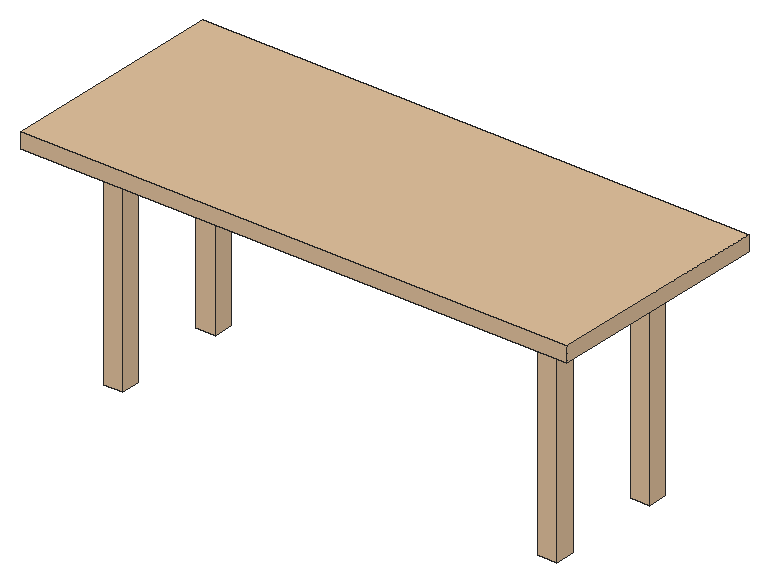
Revit family
Parameters (values of type "1800 x 750mm")
  Material Legs = Wood - Birch
  Keynote = "N"
  Height = 760.00 mm
  Length = 1800.00 mm
  Material Top = Wood - Birch
  Width = 750.00 mm
Types (4, lengths in mm): name | Length | Width
  (no name) | 1800.00 | 750.00
  1800 x 750mm | 1800.00 | 750.00
  900 x 900mm | 900.00 | 900.00
  1500 x 1200mm | 1500.00 | 1200.00
Reference planes
  plane 1: y = 0
  plane 2: z = 0
  plane 3: x = 0
  plane 4: z = 760
Forms (mm)
  Extrusion 1, solid, material "Wood - Birch" <- "Material Legs"
    sketch origin (-1112.692, -203.541, 0) x (1, 0, 0) y (0, 1, 0)
      loop
        line (365.092, 426.141) -> (365.092, 362.641) -> (428.592, 362.641) -> (428.592, 426.141) -> (365.092, 426.141)
      loop
        line (1860.292, 426.141) -> (1796.792, 426.141) -> (1796.792, 362.641) -> (1860.292, 362.641) -> (1860.292, 426.141)
      loop
        line (365.092, -19.059) -> (428.592, -19.059) -> (428.592, 44.441) -> (365.092, 44.441) -> (365.092, -19.059)
      loop
        line (1860.292, -19.059) -> (1860.292, 44.441) -> (1796.792, 44.441) -> (1796.792, -19.059) -> (1860.292, -19.059)
    from 0 to 709.2
  Extrusion 2, solid, material "Wood - Birch" <- "Material Top"
    sketch origin (-601.422, -263.73, 0) x (1, 0, 0) y (0, 1, 0)
      loop
        line (-298.578, 638.73) -> (-298.578, -111.27) -> (1501.422, -111.27) -> (1501.422, 638.73) -> (-298.578, 638.73)
    from 709.2 to 760
  Extrusion 3, solid, material "Wood - Birch" <- "Material Legs"
    sketch origin (-1112.692, -203.541, 0) x (1, 0, 0) y (0, 1, 0)
      loop
        line (428.592, 388.041) -> (428.592, 362.641) -> (1796.792, 362.641) -> (1796.792, 388.041) -> (428.592, 388.041)
      loop
        line (428.592, 19.041) -> (1796.792, 19.041) -> (1796.792, 44.441) -> (428.592, 44.441) -> (428.592, 19.041)
      loop
        line (390.492, 44.441) -> (415.892, 44.441) -> (415.892, 362.641) -> (390.492, 362.641) -> (390.492, 44.441)
      loop
        line (1834.892, 44.441) -> (1834.892, 362.641) -> (1809.492, 362.641) -> (1809.492, 44.441) -> (1834.892, 44.441)
    from 607.6 to 709.2
Lines and regions (mm)
  Masking region 1
    outline origin (0, 0, 0) x (1, 0, 0) y (0, 1, 0)
      loop
        line (-900, 375) -> (-900, -375) -> (900, -375) -> (900, 375) -> (-900, 375)
  symbolic lines, style "Furniture"
    curve 1: line (-900, -375, 0) -> (900, -375, 0)
    curve 2: line (-900, -375, 0) -> (-900, 375, 0)
    curve 3: line (-900, 375, 0) -> (900, 375, 0)
    curve 4: line (900, -375, 0) -> (900, 375, 0)
Dimensions and locks
  equal spacing: Extrusion 2 sketch curve, plane 3, Extrusion 2 sketch curve
  "Length": Extrusion 2 sketch curve to Extrusion 2 sketch curve
  equal spacing: Extrusion 2, plane 1, Extrusion 2
  equal spacing: Extrusion 2, plane 3, Extrusion 2
  equal spacing: Extrusion 3 sketch curve, plane 3, Extrusion 3 sketch curve  (x3)
  equal spacing: Extrusion 3 sketch curve, plane 1, Extrusion 3 sketch curve  (x2)
  locked: Extrusion 3 sketch curve to Extrusion 3 sketch curve at 25.4  (x4)
  locked: Extrusion 1 sketch curve to Extrusion 1 sketch curve at 63.5  (x4)
  equal spacing: Extrusion 1 sketch curve, plane 1, Extrusion 1 sketch curve
  equal spacing: Extrusion 1 sketch curve, plane 3, Extrusion 1 sketch curve
  Extrusion 2 to Extrusion 2 = 1800.00 mm
  equal spacing: Extrusion 2 sketch curve, plane 1, Extrusion 2 sketch curve
  equal spacing: curve 4, plane 3, curve 2
  "Length": curve 4 to curve 2
  "Width": Extrusion 2 sketch curve to Extrusion 2 sketch curve
  equal spacing: curve 1, plane 1, curve 3
  "Width": curve 1 to curve 3
  Extrusion 3 sketch curve to Extrusion 2 = 177.80 mm
  Extrusion 2 to Extrusion 3 sketch curve = 190.50 mm
  locked: Extrusion 2 to Extrusion 1 sketch curve at 152.4  (x2)
  Extrusion 3 sketch curve to Extrusion 3 sketch curve = 38.10 mm  (x2)
  Extrusion 3 sketch curve to Extrusion 3 sketch curve = 25.40 mm
  "Height": plane 2 to plane 4
  locked: Extrusion 2 to Extrusion 2 at 50.8
  locked: Extrusion 3 to Extrusion 3 at 101.6
  aligned and locked: Extrusion 1 to level
  aligned and locked: Extrusion 1 sketch curve to Extrusion 1 sketch curve  (x9)
  aligned and locked: Extrusion 3 sketch curve to Extrusion 3 sketch curve  (x3)
  aligned and locked: Extrusion 2 to plane 4
  aligned and locked: Extrusion 3 to Extrusion 2
  aligned and locked: Extrusion 1 to Extrusion 2
  aligned: curve 2 to Masking region 1 sketch curve
  aligned: Masking region 1 sketch curve to curve 3
  aligned: curve 1 to Masking region 1 sketch curve
  aligned: Masking region 1 sketch curve to curve 4
Automatic sketch dimensions
  plane 1 to Masking region 1 sketch curve = 375.00 mm
  Masking region 1 sketch curve to plane 3 = 900.00 mm
  plane 3 to Masking region 1 sketch curve = 900.00 mm
  Masking region 1 sketch curve to plane 1 = 375.00 mm
